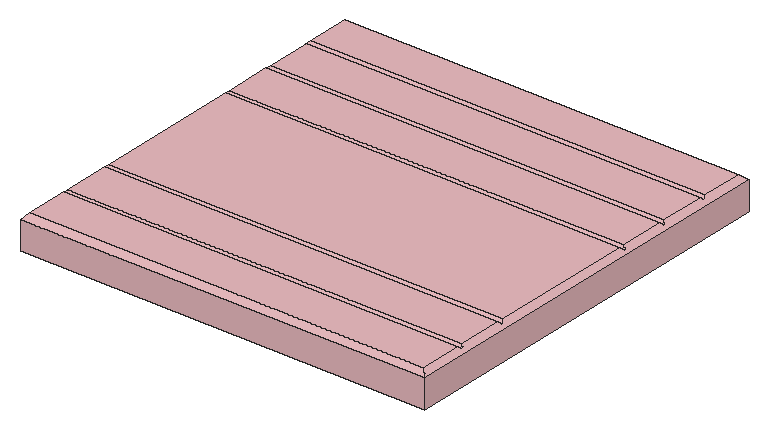
Revit family "STRATA 2ft x 2ft", category Specialty Equipment, Revit 2023
Family settings
  Round Connector Dimension = Use Diameter
  Part Type = Normal
  OmniClass Number = 23.35.00.00
  OmniClass Title = Covering, Cladding, and Finishes
  Work Plane-Based = Yes
  Enable Cutting in Views = Yes
  Always vertical = No
  Cut with Voids When Loaded = No
  Maintain Annotation Orientation = No
  Shared = No
  Room Calculation Point = No
Parameters (values of type "2 INCH THICK - CUSTOM PAINTED - STANDARD")
  URL = "https://www.acousticalsurfaces.com/envirocoustic-wood-wool/designs/"
  Type Comments = "Acoustic panels for vertical and horizontal surfaces"
  Thickness = 0' - 2"
  Recycled Content Percentage = "0%"
  Model = "Envirocoustic Wood Wool"
  Material = "Envirocoustic Wood Wool"
  Manufacturer = "Acoustical Surfaces, Inc."
  Fire Rating = "ASTM E84 - Class A"
  Finish = Paint - Acoustical-Surfaces - Custom Painted
  Description = "Acoustic Panels"
  Default Elevation = 0' - 0"
  Backer Thickness = 0' - 1"
  Backer = no
  Assembly Code = "C30"
  Acoustics - NRC = "Sound absorption varies from NRC 0.45 to 0.95 based on installation method used when tested per ASTM C423."
Types (27): name | Thickness | Finish | Backer Thickness | Backer
  2 INCH THICK - CUSTOM PAINTED - STANDARD | 0' - 2" | Paint - Acoustical-Surfaces - Custom Painted | 0' - 1" | no
  2 INCH THICK - PRIMED WHITE - STANDARD | 0' - 2" | Paint - Acoustical-Surfaces - Primed White | 0' - 1" | no
  2 INCH THICK - PRIMED CLEAR - STANDARD | 0' - 2" | Paint - Acoustical-Surfaces - Primed Clear | 0' - 1" | no
  2 INCH THICK - PRIMED WHITE - 2 INCH CFAB BACKER | 0' - 2" | Paint - Acoustical-Surfaces - Primed White | 0' - 2" | yes
  2 INCH THICK - PRIMED WHITE - 1 INCH CFAB BACKER | 0' - 2" | Paint - Acoustical-Surfaces - Primed White | 0' - 1" | yes
  2 INCH THICK - PRIMED CLEAR - 2 INCH CFAB BACKER | 0' - 2" | Paint - Acoustical-Surfaces - Primed Clear | 0' - 2" | yes
  2 INCH THICK - PRIMED CLEAR - 1 INCH CFAB BACKER | 0' - 2" | Paint - Acoustical-Surfaces - Primed Clear | 0' - 1" | yes
  2 INCH THICK - CUSTOM PAINTED - 2 INCH CFAB BACKER | 0' - 2" | Paint - Acoustical-Surfaces - Custom Painted | 0' - 2" | yes
  2 INCH THICK - CUSTOM PAINTED - 1 INCH CFAB BACKER | 0' - 2" | Paint - Acoustical-Surfaces - Custom Painted | 0' - 1" | yes
  1-3/8 INCH THICK - CUSTOM PAINTED - STANDARD | 0' - 1 3/8" | Paint - Acoustical-Surfaces - Custom Painted | 0' - 1" | no
  1-3/8 INCH THICK - PRIMED WHITE - STANDARD | 0' - 1 3/8" | Paint - Acoustical-Surfaces - Primed White | 0' - 1" | no
  1-3/8 INCH THICK - PRIMED CLEAR - STANDARD | 0' - 1 3/8" | Paint - Acoustical-Surfaces - Primed Clear | 0' - 1" | no
  1-3/8 INCH THICK - PRIMED WHITE - 2 INCH CFAB BACKER | 0' - 1 3/8" | Paint - Acoustical-Surfaces - Primed White | 0' - 2" | yes
  1-3/8 INCH THICK - PRIMED WHITE - 1 INCH CFAB BACKER | 0' - 1 3/8" | Paint - Acoustical-Surfaces - Primed White | 0' - 1" | yes
  1-3/8 INCH THICK - PRIMED CLEAR - 2 INCH CFAB BACKER | 0' - 1 3/8" | Paint - Acoustical-Surfaces - Primed Clear | 0' - 2" | yes
  1-3/8 INCH THICK - PRIMED CLEAR - 1 INCH CFAB BACKER | 0' - 1 3/8" | Paint - Acoustical-Surfaces - Primed Clear | 0' - 1" | yes
  1-3/8 INCH THICK - CUSTOM PAINTED - 2 INCH CFAB BACKER | 0' - 1 3/8" | Paint - Acoustical-Surfaces - Custom Painted | 0' - 2" | yes
  1-3/8 INCH THICK - CUSTOM PAINTED - 1 INCH CFAB BACKER | 0' - 1 3/8" | Paint - Acoustical-Surfaces - Custom Painted | 0' - 1" | yes
  1 INCH THICK - CUSTOM PAINTED - STANDARD | 0' - 1" | Paint - Acoustical-Surfaces - Custom Painted | 0' - 1" | no
  1 INCH THICK - PRIMED WHITE - STANDARD | 0' - 1" | Paint - Acoustical-Surfaces - Primed White | 0' - 1" | no
  1 INCH THICK - PRIMED CLEAR - STANDARD | 0' - 1" | Paint - Acoustical-Surfaces - Primed Clear | 0' - 1" | no
  1 INCH THICK - PRIMED WHITE - 2 INCH CFAB BACKER | 0' - 1" | Paint - Acoustical-Surfaces - Primed White | 0' - 2" | yes
  1 INCH THICK - PRIMED WHITE - 1 INCH CFAB BACKER | 0' - 1" | Paint - Acoustical-Surfaces - Primed White | 0' - 1" | yes
  1 INCH THICK - PRIMED CLEAR - 2 INCH CFAB BACKER | 0' - 1" | Paint - Acoustical-Surfaces - Primed Clear | 0' - 2" | yes
  1 INCH THICK - PRIMED CLEAR - 1 INCH CFAB BACKER | 0' - 1" | Paint - Acoustical-Surfaces - Primed Clear | 0' - 1" | yes
  1 INCH THICK - CUSTOM PAINTED - 2 INCH CFAB BACKER | 0' - 1" | Paint - Acoustical-Surfaces - Custom Painted | 0' - 2" | yes
  1 INCH THICK - CUSTOM PAINTED - 1 INCH CFAB BACKER | 0' - 1" | Paint - Acoustical-Surfaces - Custom Painted | 0' - 1" | yes
Reference planes (in)
  plane 1 "Center (Front/Back)": y = 0
  plane 2: z = 0
  plane 3 "Center (Left/Right)": x = 0
  plane 4: x = -12
  plane 5: x = 12
  plane 6: y = 12
  plane 7: y = -12
  plane 8: z = 2
  plane 9: z = -1
Forms (in)
  Extrusion 1, solid, material "Paint - Acoustical-Surfaces - Custom Painted" <- "Finish"
    sketch origin (0, 0, 0) x (1, 0, 0) y (0, 1, 0)
      loop
        line (12, 12) -> (-12, 12) -> (-12, -12) -> (12, -12) -> (12, 12)
    from 0 to 2
  Sweep 2, void
    path in 3D
      loop
        line (12, 12, 2) -> (-12, 12, 2) -> (-12, -12, 2) -> (12, -12, 2) -> (12, 12, 2)
    profile "Triangle : Family2" origin (12, 0, 2) x (-1, 0, 0) y (0, 0, 1)
      loop
        line (0, 0) -> (0, -0.315) -> (0.315, 0) -> (0, 0)
  Extrusion 3, solid, visible <- "Backer"
    sketch origin (0, 0, 0) x (1, 0, 0) y (0, 1, 0)
      loop
        line (12, 12) -> (-12, 12) -> (-12, -12) -> (12, -12) -> (12, 12)
    from 0 to -1
  Sweep 4, void
    path origin (0, 0, 2) x (1, 0, 0) y (0, 1, 0)
      loop
        line (12, 9) -> (-12, 9)
    profile "Groove : Family2" origin (0, 9, 2) x (0, -1, 0) y (0, 0, 1)
      loop
        line (-0.1575, 0) -> (0, -0.1575) -> (0.1575, 0) -> (-0.1575, 0)
  Sweep 5, void
    path origin (0, -3, 2) x (1, 0, 0) y (0, 1, 0)
      loop
        line (12, 9) -> (-12, 9)
    profile "Groove : Family2" origin (0, 6, 2) x (0, -1, 0) y (0, 0, 1)
      loop
        line (-0.1575, 0) -> (0, -0.1575) -> (0.1575, 0) -> (-0.1575, 0)
  Sweep 6, void
    path origin (0, -6, 2) x (1, 0, 0) y (0, 1, 0)
      loop
        line (12, 9) -> (-12, 9)
    profile "Groove : Family2" origin (0, 3, 2) x (0, -1, 0) y (0, 0, 1)
      loop
        line (-0.1575, 0) -> (0, -0.1575) -> (0.1575, 0) -> (-0.1575, 0)
  Sweep 7, void
    path origin (0, -15, 2) x (1, 0, 0) y (0, 1, 0)
      loop
        line (12, 9) -> (-12, 9)
    profile "Groove : Family2" origin (0, -6, 2) x (0, -1, 0) y (0, 0, 1)
      loop
        line (-0.1575, 0) -> (0, -0.1575) -> (0.1575, 0) -> (-0.1575, 0)
  Sweep 8, void
    path origin (0, -18, 2) x (1, 0, 0) y (0, 1, 0)
      loop
        line (12, 9) -> (-12, 9)
    profile "Groove : Family2" origin (0, -9, 2) x (0, -1, 0) y (0, 0, 1)
      loop
        line (-0.1575, 0) -> (0, -0.1575) -> (0.1575, 0) -> (-0.1575, 0)
Cuts and joins
  Sweep 2, Sweep 4, Sweep 5, Sweep 6, Sweep 7, Sweep 8 cuts Extrusion 1
Lines and regions (in)
  sketch lines
    curve 1: line (12, -12, 2) -> (12, 12, 2)
    curve 2: line (-12, -12, 2) -> (12, -12, 2)
    curve 3: line (-12, 12, 2) -> (-12, -12, 2)
    curve 4: line (12, 12, 2) -> (-12, 12, 2)
Dimensions and locks (in)
  equal spacing: plane 4, plane 3 "Center (Left/Right)", plane 5
  equal spacing: plane 7, plane 1 "Center (Front/Back)", plane 6
  plane 7 to plane 6 = 2' - 0"
  locked: plane 4 to plane 5 at 24
  "Thickness": plane 8 to level
  "Backer Thickness": level to plane 9
  aligned and locked: level to plane 2
  aligned and locked: Extrusion 1 sketch curve to plane 4
  aligned and locked: plane 5 to Extrusion 1 sketch curve
  aligned and locked: Extrusion 1 sketch curve to plane 6
  aligned and locked: Extrusion 1 sketch curve to plane 7
  aligned and locked: Extrusion 1 to plane 8
  aligned and locked: Extrusion 3 sketch curve to plane 4
  aligned and locked: plane 5 to Extrusion 3 sketch curve
  aligned and locked: Extrusion 3 sketch curve to plane 6
  aligned and locked: Extrusion 3 sketch curve to plane 7
  aligned and locked: plane 9 to Extrusion 3
Automatic sketch dimensions
  Sweep 4 sketch curve to Extrusion 1 = 0' - 0"  (x2)
  Sweep 4 sketch curve to Extrusion 1 = 0' - 3"
  Sweep 5 sketch curve to Extrusion 1 = 0' - 0"  (x2)
  Sweep 5 sketch curve to Extrusion 1 = 0' - 6"
  Sweep 6 sketch curve to Extrusion 1 = 0' - 0"  (x2)
  Sweep 6 sketch curve to Extrusion 1 = 0' - 9"
  Sweep 7 sketch curve to Extrusion 1 = 0' - 0"  (x2)
  Sweep 7 sketch curve to Extrusion 1 = 0' - 6"
  Sweep 8 sketch curve to Extrusion 1 = 0' - 0"  (x2)
  Sweep 8 sketch curve to Extrusion 1 = 0' - 3"
